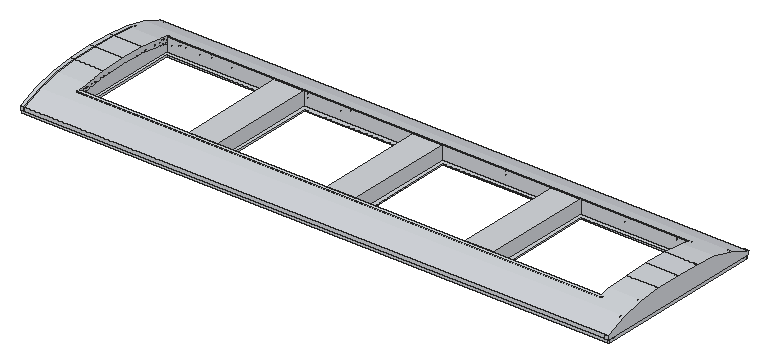
Revit family "Gira_021459", category Electrical Fixtures, host Face, Revit 2017
Family settings
  Host = Face
  Maintain Annotation Orientation = No
  Round Connector Dimension = Use Diameter
  Part Type = Normal
  Cut with Voids When Loaded = No
  Shared = No
  Room Calculation Point = No
Parameters (values of type "Cov.fr. 4-g interm.fr. CAl Gira Event Opaque dark brown")
  With mounting grid = "No"
  With hinged lid = "No"
  URL = "http://katalog.gira.de/en/datenblatt.html?artikelnr=021459"
  Type of fastening = "Clamp mounting"
  Transparent = "No"
  Surface protection = "Other"
  Suitable for wall duct = "No"
  Suitable for flush-mounted installation = "Yes"
  Suitable for floor box = "No"
  Suitable for built-in installation = "No"
  Number of units vertical = "4"
  Number of units horizontal = "4"
  Number of units = "4"
  Name = "Cov.fr. 4-g interm.fr. CAl Gira Event Opaque dark brown"
  Mounting direction = "Horizontal and vertical"
  Material quality = "Thermoplastic"
  Material = "Plastic"
  Manufacturer URL = "https://www.gira.de/"
  Manufacturer = "Gira"
  Label space/information surface = "No"
  Keynote = ""
  HeinzeBIM = "https://bimportal.heinze.de/bim/cov-fr-4-g-interm-fr-cal-gira-event-opaque-dark-brown/bbd43988f6002e5954531cdec015c1110f8490ab"
  Halogen free = "Yes"
  HAN = "021459"
  GTIN = "4010337003458"
  Description = "Cov.fr.4g i.fr.CAl EvOp DBN,Gira Event Opaque frames,dark brown with colour aluminium intermediate frame,4-gang,Features:,- Shatter-proof."
  Degree of protection (IP) = "IP20"
  Default Elevation = 1219.2 mm
  Data sheet (1) = "https://katalog.gira.de/en/download.html?artikelnr=021459"
  Colour = "Brown"
  Category = "Cover frame for domestic switching devices"
  BIM (1) = "https://media.stage.bim.site/public/gira/36a6b08/Event_Rahmen_4fach.rfa"
  Available = "No"
Reference planes
  plane 1 "Center (Front/Back)": y = 0
  plane 2: z = 0
  plane 3 "Center (Left/Right)": x = 0
Forms (mm)
  Extrusion 1, solid, detail levels fine
    sketch origin (0, 0, 0.05) x (0, 1, 0) y (0, 0, 1)
      loop
        arc (12.445, 9.683) -> (6.223, 9.833) -> (0, 9.85) r 291.636
        arc (0, 9.85) -> (-6.223, 9.833) -> (-12.445, 9.683) r 291.636
        arc (-12.445, 9.683) -> (-29.14, 7.482) -> (-45, 1.823) r 79.728
        line (-45, 1.823) -> (-45, -0.05) -> (-42.086, -0.05)
        arc (-42.086, -0.05) -> (-21.385, 5.559) -> (0, 7.206) r 114.424
        arc (0, 7.206) -> (21.385, 5.559) -> (42.086, -0.05) r 114.424
        line (42.086, -0.05) -> (45, -0.05) -> (45, 1.823)
        arc (45, 1.823) -> (29.14, 7.482) -> (12.445, 9.683) r 79.728
    from -151.95 to 151.935
  Extrusion 2, void, detail levels fine
    sketch origin (0, 0, 0) x (1, 0, 0) y (0, 1, 0)
      loop
        line (134.95, 28.035) -> (-134.95, 28.035) -> (-134.95, -28.035) -> (134.95, -28.035) -> (134.95, 28.035)
    from 0.724 to 11
  Extrusion 3, solid, detail levels coarse
    sketch origin (0, 0, 0) x (1, 0, 0) y (0, 1, 0)
      loop
        line (-151.95, 45) -> (-151.95, -45) -> (151.935, -45) -> (151.935, 45) -> (-151.95, 45)
    from -1.5 to 9.9
  Extrusion 4, solid, detail levels medium
    sketch origin (0, 0, 0.05) x (0, 1, 0) y (0, 0, 1)
      loop
        arc (12.445, 9.683) -> (6.223, 9.833) -> (0, 9.85) r 291.636
        arc (0, 9.85) -> (-6.223, 9.833) -> (-12.445, 9.683) r 291.636
        arc (-12.445, 9.683) -> (-29.14, 7.482) -> (-45, 1.823) r 79.728
        line (-45, 1.823) -> (-45, -0.05) -> (45, -0.05) -> (45, 1.823)
        arc (45, 1.823) -> (29.14, 7.482) -> (12.445, 9.683) r 79.728
    from -151.95 to 151.935
  Extrusion 5, solid, detail levels fine
    sketch origin (-106.95, 0, -1.5) x (0, 1, 0) y (0, 0, -1)
      loop
        line (45, -3.373) -> (45, -1.5) -> (-45, -1.5) -> (-45, -3.373)
        arc (-45, -3.373) -> (-29.14, -9.032) -> (-12.445, -11.233) r 79.728
        arc (-12.445, -11.233) -> (-6.223, -11.383) -> (0, -11.4) r 291.636
        arc (0, -11.4) -> (6.223, -11.383) -> (12.445, -11.233) r 291.636
        arc (12.445, -11.233) -> (29.14, -9.032) -> (45, -3.373) r 79.728
    from 43 to 45
  Extrusion 6, solid, detail levels fine
    sketch origin (0, 0, 0) x (1, 0, 0) y (0, 1, 0)
      loop
        line (-132.85, 25.7) -> (-132.85, -25.7) -> (-81.05, -25.7) -> (-81.05, 25.7) -> (-132.85, 25.7)
      loop
        line (-9.755, -25.7) -> (-9.755, 25.7) -> (-61.555, 25.7) -> (-61.555, -25.7) -> (-9.755, -25.7)
      loop
        line (-135.845, 28.49) -> (-135.845, -28.495)
        spline (-135.845, -28.495) -> (-135.836, -28.625) -> (-135.811, -28.754) -> (-135.769, -28.878) -> (-135.711, -28.995) -> (-135.638, -29.104) -> (-135.552, -29.202) -> (-135.454, -29.288) -> (-135.345, -29.361) -> (-135.228, -29.419) -> (-135.104, -29.461) -> (-134.975, -29.486) -> (-134.845, -29.495)
        line (-134.845, -29.495) -> (134.845, -29.495)
        spline (134.845, -29.495) -> (134.975, -29.486) -> (135.104, -29.461) -> (135.228, -29.419) -> (135.345, -29.361) -> (135.454, -29.288) -> (135.552, -29.202) -> (135.638, -29.104) -> (135.711, -28.995) -> (135.769, -28.878) -> (135.811, -28.754) -> (135.836, -28.625) -> (135.845, -28.495)
        line (135.845, -28.495) -> (135.845, 28.49)
        spline (135.845, 28.49) -> (135.836, 28.62) -> (135.811, 28.748) -> (135.769, 28.872) -> (135.711, 28.99) -> (135.638, 29.098) -> (135.552, 29.197) -> (135.454, 29.283) -> (135.345, 29.356) -> (135.228, 29.413) -> (135.104, 29.456) -> (134.975, 29.481) -> (134.845, 29.49)
        line (134.845, 29.49) -> (-134.845, 29.49)
        spline (-134.845, 29.49) -> (-134.975, 29.481) -> (-135.104, 29.456) -> (-135.228, 29.413) -> (-135.345, 29.356) -> (-135.454, 29.283) -> (-135.552, 29.197) -> (-135.638, 29.098) -> (-135.711, 28.99) -> (-135.769, 28.872) -> (-135.811, 28.748) -> (-135.836, 28.62) -> (-135.845, 28.49)
      loop
        line (61.545, -25.7) -> (61.545, 25.7) -> (9.745, 25.7) -> (9.745, -25.7) -> (61.545, -25.7)
      loop
        line (132.85, -25.7) -> (132.85, 25.7) -> (81.05, 25.7) -> (81.05, -25.7) -> (132.85, -25.7)
    from 0.1 to 7.3
  Extrusion 7, solid
    sketch origin (0, 0, 0) x (1, 0, 0) y (0, 1, 0)
      loop
        arc (-151.65, -44.218) -> (-151.504, -44.572) -> (-151.15, -44.718) r 0.5
        line (-151.15, -44.718) -> (151.15, -44.718)
        arc (151.15, -44.718) -> (151.504, -44.572) -> (151.65, -44.218) r 0.5
        line (151.65, -44.218) -> (151.65, 44.182)
        arc (151.65, 44.182) -> (151.504, 44.535) -> (151.15, 44.682) r 0.5
        line (151.15, 44.682) -> (-151.15, 44.682)
        arc (-151.15, 44.682) -> (-151.504, 44.535) -> (-151.65, 44.182) r 0.5
        line (-151.65, 44.182) -> (-151.65, -44.218)
      loop
        line (-149.95, 42.982) -> (-149.95, -43.018) -> (149.95, -43.018) -> (149.95, 42.982) -> (-149.95, 42.982)
    from -1.5 to 0.5
  Extrusion 8, solid, detail levels fine
    sketch origin (106.935, 0, -1.5) x (0, 1, 0) y (0, 0, 1)
      loop
        arc (45, 3.373) -> (29.14, 9.032) -> (12.445, 11.233) r 79.728
        arc (12.445, 11.233) -> (6.223, 11.383) -> (0, 11.4) r 291.636
        arc (0, 11.4) -> (-6.223, 11.383) -> (-12.445, 11.233) r 291.636
        arc (-12.445, 11.233) -> (-29.14, 9.032) -> (-45, 3.373) r 79.728
        line (-45, 3.373) -> (-45, 1.5) -> (45, 1.5) -> (45, 3.373)
    from 43 to 45
  Extrusion 9, solid, detail levels medium
    sketch origin (0, 0, 0) x (1, 0, 0) y (0, 1, 0)
      loop
        line (-151.65, -44.718) -> (151.65, -44.718) -> (151.65, 44.682) -> (-151.65, 44.682) -> (-151.65, -44.718)
    from -1.5 to 0.5
  Extrusion 10, solid, detail levels fine
    sketch origin (-69.857, 0, 0) x (1, 0, 0) y (0, 1, 0)
      loop
        line (-8.943, 28.063) -> (-8.943, -27.937) -> (6.057, -27.937) -> (6.057, 28.063) -> (-8.943, 28.063)
    from 0.724 to 7.566
  Extrusion 11, solid, detail levels fine
    sketch origin (-1.443, 0, 0) x (-1, 0, 0) y (0, -1, 0)
      loop
        line (-8.943, -28.063) -> (6.057, -28.063) -> (6.057, 27.937) -> (-8.943, 27.937) -> (-8.943, -28.063)
    from 0.724 to 7.566
  Extrusion 12, solid, detail levels fine
    sketch origin (69.857, 0, 0) x (-1, 0, 0) y (0, -1, 0)
      loop
        line (-8.943, -28.063) -> (6.057, -28.063) -> (6.057, 27.937) -> (-8.943, 27.937) -> (-8.943, -28.063)
    from 0.724 to 7.566
Cuts and joins
  Extrusion 2 cuts Extrusion 1
  Extrusion 2 cuts Extrusion 6
Dimensions and locks
  aligned and locked: plane 2 to host face
  aligned and locked: level to host face
